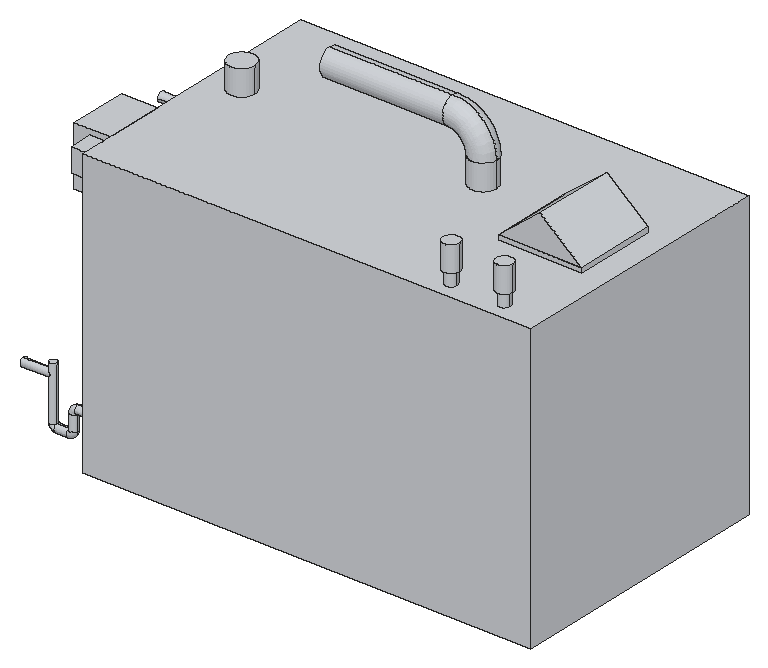
Revit family "AMP_BFIT 2500-3000 Boiler Dual Fuel", category Mechanical Equipment, Revit 2019
Family settings
  Round Connector Dimension = Use Diameter
  Part Type = Normal
  OmniClass Number = 23.75.00.00
  OmniClass Title = Climate Control (HVAC)
  Work Plane-Based = No
  Always vertical = Yes
  Cut with Voids When Loaded = No
  Shared = No
  Room Calculation Point = No
Parameters (values of type "AMP/BFIT 2500-3000 Boiler Dual Fuel")
  Width = 46"
  Length = 75 5/8"
  Height = 48 3/8"
  Voltage = ""
  Vent = "10\" EZ Vent"
  Manufacturer = "Bryan Steam"  # constant formula
  Hydronic Supply = "4\" Victaulic"
  Hydronic Return = "4\" Victaulic"
  Gas Train (Propane) = "1-1/2\" NPT"
  Gas Train (Natural Gas) = "1-1/2\" NPT"
  Condensate Trap = "1\" Pipe"
  Boiler Drain = "3/4\" NPT"
  Air Supply = "10\""
Reference planes
  plane 1 "Center (Front/Back)": y = 0
  plane 2: z = 0
  plane 3 "Center (Left/Right)": x = 0
  plane 4 "Vent": y = 96.749
  plane 5 "Condensate Trap": y = -457.2
  plane 6 "Supply 4" Victualic Elbow Style 10": x = 213.741
  plane 7 "3" Supply Manifold": z = 1466.85
  plane 8 "3" Supply Elbow Victaulic Style 10": y = 96.749
Forms (mm)
  Extrusion 1, solid
    sketch origin (0, 0, 0) x (1, 0, 0) y (0, 1, 0)
      loop
        line (-960.437, 584.2) -> (-960.437, -584.2) -> (960.438, -584.2) -> (960.438, 584.2) -> (-960.437, 584.2)
    from 0 to 1228.725
  Extrusion 2, solid
    sketch origin (0, 0, 1228.725) x (1, 0, 0) y (0, 1, 0)
      loop
        line (497.624, 177.8) -> (497.624, -177.8) -> (855.663, -177.8) -> (855.663, 177.8) -> (497.624, 177.8)
    from 0 to 21.63
  Extrusion 3, solid
    sketch origin (855.663, -177.8, 1228.725) x (-1, 0, 0) y (0, 0, -1)
      loop
        line (358.038, -21.63) -> (0, -21.63) -> (179.019, -167.063) -> (358.038, -21.63)
    from 0 to -355.6
  Extrusion 4, solid
    sketch origin (0, 0, 1228.725) x (1, 0, 0) y (0, 1, 0)
      loop
        circle (-820.737, 95.25) r 57.15
      loop
        circle (213.754, 95.25) r 57.15
    from 0 to 107.95
  Extrusion 5, solid
    sketch origin (-960.437, -584.2, 0) x (0, 1, 0) y (0, 0, -1)
      loop
        circle (987.425, -282.575) r 123.596
      loop
        circle (987.425, -282.575) r 119.863
    from 0 to 34.925
  Sweep 6, solid
    path origin (0, -457.2, 0) x (-1, 0, 0) y (0, 0, 1)
      loop
        line (960.437, 146.406) -> (1081.443, 146.406)
        arc (1081.443, 146.406) -> (1093.8, 141.287) -> (1098.918, 128.93) r 17.475
        line (1098.918, 128.93) -> (1098.918, 62.281)
        arc (1098.918, 62.281) -> (1104.037, 49.924) -> (1116.393, 44.806) r 17.475
        line (1116.393, 44.806) -> (1170.356, 44.806)
        arc (1170.356, 44.806) -> (1182.704, 49.92) -> (1187.818, 62.268) r 17.463
        line (1187.818, 62.268) -> (1187.818, 292.456)
    profile origin (-1020.94, -457.2, 146.406) x (0, 0, 1) y (0, 1, 0)
      loop
        circle (0, 0) r 16.701
  Revolve 7, solid
    sketch origin (0, -457.2, 0) x (-1, 0, 0) y (0, 0, 1)
      loop
        line (1316.037, 247.65) -> (1316.037, 264.351) -> (1187.45, 264.351) -> (1187.45, 247.65) -> (1316.037, 247.65)
      axis (1187.45, 247.65) -> (1316.037, 247.65)
    angle from 0 to 360
  Extrusion 8, solid
    sketch origin (-960.437, -584.2, 0) x (0, 1, 0) y (0, 0, -1)
      loop
        line (119.888, -1223.95) -> (119.888, -1122.35) -> (18.288, -1122.35) -> (18.288, -1223.95) -> (119.888, -1223.95)
    from 0 to 63.004
  Revolve 9, solid
    sketch origin (0, 95.25, 0) x (-1, 0, 0) y (0, 0, 1)
      loop
        line (1166.812, 766.775) -> (1160.126, 894.362) -> (906.474, 881.069) -> (913.161, 753.482) -> (1166.812, 766.775)
      axis (913.161, 753.482) -> (1166.812, 766.775)
    angle from 0 to 360
  Extrusion 10, solid
    sketch origin (-960.437, -584.2, 0) x (0, 1, 0) y (0, 0, -1)
      loop
        circle (679.45, -1076.325) r 13.335
      loop
        circle (679.45, -1076.325) r 10.465
    from 0 to 146.05
  Sweep 11, solid
    path origin (0, 96.749, 0) x (-1, 0, 0) y (0, 0, 1)
      loop
        arc (-213.754, 1335.256) -> (-175.626, 1427.304) -> (-83.579, 1465.431) r 130.175
        line (-83.579, 1465.431) -> (442.912, 1465.431)
    profile origin (175.626, 96.749, 1427.304) x (0.707107, 0, 0.707107) y (0, 1, 0)
      loop
        circle (0, 0) r 57.15
  Extrusion 12, solid
    sketch origin (-960.437, -584.2, 0) x (0, 1, 0) y (0, 0, -1)
      loop
        line (403.225, -1227.138) -> (403.225, -973.138) -> (149.225, -973.138) -> (149.225, -1227.138) -> (403.225, -1227.138)
    from 0 to 155.575
  Extrusion 13, solid
    sketch origin (0, 0, 1228.725) x (1, 0, 0) y (0, 1, 0)
      loop
        circle (557.213, -504.825) r 24.13
      loop
        circle (785.813, -504.825) r 24.13
    from 0 to 57.15
  Extrusion 14, solid
    sketch origin (0, 0, 1285.875) x (1, 0, 0) y (0, 1, 0)
      loop
        circle (557.213, -504.825) r 34.925
      loop
        circle (785.813, -504.825) r 34.925
    from 0 to 107.95
  Extrusion 15, solid
    sketch origin (-1106.487, -584.2, 0) x (0, 1, 0) y (0, 0, -1)
      loop
        circle (679.45, -1076.325) r 19.05
    from 0 to 60.325
Lines and regions (mm)
  model lines
    curve 1: circle (213.897, 97.198, 1336.675) r 50.8 normal (0, 0, 1)
Dimensions and locks
  "Height": Extrusion 1 to level
  equal spacing: Extrusion 1 sketch curve, plane 3 "Center (Left/Right)", Extrusion 1 sketch curve
  "Length": Extrusion 1 sketch curve to Extrusion 1 sketch curve
  equal spacing: Extrusion 1 sketch curve, plane 1 "Center (Front/Back)", Extrusion 1 sketch curve
  "Width": Extrusion 1 sketch curve to Extrusion 1 sketch curve
  locked: Extrusion 2 sketch curve to Extrusion 1 at 104.775
  locked: Extrusion 2 sketch curve to Extrusion 2 sketch curve at 358.038
  locked: Extrusion 2 sketch curve to Extrusion 2 sketch curve at 355.6
  locked: Extrusion 2 sketch curve to Extrusion 1 at 406.4
  locked: Extrusion 1 to Extrusion 4 sketch curve at 488.95  (x2)
  locked: Extrusion 1 to Extrusion 5 sketch curve at 282.575
  Extrusion 1 to Extrusion 5 sketch curve = 7 1/8"
  Revolve 7 sketch curve to Revolve 7 sketch curve = 0.6575"
  level to plane 7 "3" Supply Manifold" = 57 3/4"
  locked: plane 3 "Center (Left/Right)" to plane 6 "Supply 4" Victualic Elbow Style 10" at 213.741
  locked: plane 8 "3" Supply Elbow Victaulic Style 10" to plane 1 "Center (Front/Back)" at 96.749
  locked: plane 4 "Vent" to plane 1 "Center (Front/Back)" at 96.749
  locked: plane 5 "Condensate Trap" to plane 1 "Center (Front/Back)" at 457.2
  locked: Sweep 6 sketch curve to Sweep 6 sketch curve at 88.9
  locked: Sweep 6 sketch curve to Sweep 6 sketch curve at 247.65
  locked: Revolve 7 sketch curve to Revolve 7 sketch curve at 128.588
  locked: Extrusion 8 sketch curve to Extrusion 8 sketch curve at 101.6  (x2)
  Extrusion 5 sketch curve to Extrusion 5 sketch curve = 0"  (x2)
  locked: Revolve 9 sketch curve to Revolve 9 sketch curve at 127.762
  Extrusion 1 to Extrusion 10 sketch curve = 42 3/8"
  equal spacing: Extrusion 1, Extrusion 10 sketch curve, Extrusion 10 sketch curve  (x2)
  locked: Extrusion 1 to Extrusion 10 sketch curve at 488.95
  locked: Extrusion 1 to Extrusion 4 sketch curve at 139.7
  locked: Extrusion 4 sketch curve to Extrusion 1 at 746.684
  locked: Extrusion 1 to Sweep 11 sketch curve at 517.525
  locked: Extrusion 1 to Sweep 11 sketch curve at 236.706
  locked: Extrusion 1 to Revolve 7 sketch curve at 247.65  (x2)
  locked: Extrusion 12 sketch curve to Extrusion 12 sketch curve at 254  (x2)
  locked: Extrusion 12 sketch curve to Extrusion 1 at 149.225
  locked: Extrusion 12 sketch curve to Extrusion 1 at 1.587
  locked: Extrusion 1 to Extrusion 13 sketch curve at 79.375  (x2)
  locked: Extrusion 13 sketch curve to Extrusion 1 at 403.225
  locked: Extrusion 1 to Extrusion 14 sketch curve at 79.375  (x2)
  locked: Extrusion 14 sketch curve to Extrusion 1 at 403.225
  locked: Extrusion 1 to Extrusion 15 sketch curve at 152.4
  locked: Extrusion 1 to Extrusion 15 sketch curve at 488.95
  locked: Extrusion 13 sketch curve to Extrusion 1 at 174.625
  locked: Extrusion 14 sketch curve to Extrusion 1 at 174.625
  diameter of Extrusion 13 sketch curve = 1.9"  (x2)
  diameter of Extrusion 14 sketch curve = 2 3/4"  (x2)
  diameter of Extrusion 15 sketch curve = 1 1/2"
  aligned and locked: level to plane 2
Automatic sketch dimensions
  Extrusion 3 sketch curve to Extrusion 2 = 0"  (x3)
  Extrusion 3 sketch curve to Extrusion 2 = 7.048"
  Extrusion 3 sketch curve to Extrusion 2 = 5.72571"
  Sweep 6 sketch curve to plane 5 "Condensate Trap" = 0"
  profile plane to Sweep 6 sketch curve = 0"
  Sweep 6 sketch curve to Sweep 6 sketch curve = 0.688"  (x2)
  Sweep 6 sketch curve to Sweep 6 sketch curve = 11/16"
  Sweep 6 sketch curve to Sweep 6 sketch curve = 2.624"
  Sweep 6 sketch curve to Sweep 6 sketch curve = 4.764"
  Revolve 7 sketch curve to Revolve 7 sketch curve = 0.2025"
  Revolve 7 sketch curve to Revolve 7 sketch curve = 0.828"
  Extrusion 5 sketch curve to Extrusion 5 sketch curve = 0"  (x2)
  Revolve 9 sketch curve to Revolve 9 sketch curve = 5.32404"
  Revolve 9 sketch curve to Revolve 9 sketch curve = 0"  (x2)
  level to Sweep 6 sketch curve = 5.764"
  Sweep 6 sketch curve to plane 3 "Center (Left/Right)" = 42.5765"
  Revolve 7 sketch curve to plane 3 "Center (Left/Right)" = 46 3/4"
  Extrusion 1 to Extrusion 8 sketch curve = 0.188"
  Extrusion 8 sketch curve to Extrusion 1 = 0.72"
  Revolve 9 sketch curve to plane 3 "Center (Left/Right)" = 35.68795"
  Revolve 9 sketch curve to plane 7 "3" Supply Manifold" = 28.08536"
  Revolve 9 sketch curve to Revolve 9 sketch curve = 0.26325"
  Revolve 9 sketch curve to plane 7 "3" Supply Manifold" = 22.53889"
  Extrusion 10 sketch curve to Extrusion 10 sketch curve = 0"  (x2)
  Sweep 11 sketch curve to plane 8 "3" Supply Elbow Victaulic Style 10" = 0"
  Sweep 11 sketch curve to profile plane = 0"
  plane 3 "Center (Left/Right)" to Sweep 11 sketch curve = 3.2905"
  Sweep 11 sketch curve to Sweep 11 sketch curve = 5 1/8"
  radius of Sweep 6 sketch curve = 0.6575"
  radius of Extrusion 5 sketch curve = 4.866"
  radius of Extrusion 5 sketch curve = 4.719"
  radius of Extrusion 10 sketch curve = 0.412"
  radius of Extrusion 10 sketch curve = 0.525"
  radius of Extrusion 4 sketch curve = 2 1/4"  (x2)
  radius of curve 1 = 2"
  radius of Sweep 11 sketch curve = 2 1/4"
Connectors
  piping at (-820.737, 95.25, 1336.675), diameter 101.6
    settings: on Extrusion 4, index 2, connector inside diameter 24", connector length 0", flow factor 0, pipe flow 0 GPM, pressure drop 0.00 psi, fitting loss kfactor 0, connector angle 0.00°, fixture units 0, engagement length 0", angle of deflection 0.00°, flow configuration 0, flow direction 1, fitting loss method 0, system type 8, joint type 0, gender type 0, connector reference index -1, connector utility 0, adjustable connector no, is connector primary yes, connector description ""
  piping at (-995.362, 403.225, 282.575), diameter 254
    settings: on Extrusion 5, index 4, connector inside diameter 24", connector length 0", flow factor 0, pipe flow 0 GPM, pressure drop 0.00 psi, fitting loss kfactor 0, connector angle 0.00°, fixture units 0, engagement length 0", angle of deflection 0.00°, flow configuration 0, flow direction 1, fitting loss method 0, system type 22, joint type 0, gender type 0, connector reference index -1, connector utility 0, adjustable connector no, is connector primary no, connector description ""
  piping at (-1316.037, -457.2, 247.65), diameter 25.4
    settings: on Revolve 7, index 6, connector inside diameter 24", connector length 0", flow factor 0, pipe flow 0 GPM, pressure drop 0.00 psi, fitting loss kfactor 0, connector angle 0.00°, fixture units 0, engagement length 0", angle of deflection 0.00°, flow configuration 0, flow direction 2, fitting loss method 0, system type 22, joint type 0, gender type 0, connector reference index -1, connector utility 0, adjustable connector no, is connector primary no, connector description ""
  piping at (-442.912, 96.749, 1465.431), diameter 101.6
    settings: on Sweep 11, index 7, connector inside diameter 24", connector length 0", flow factor 0, pipe flow 0 GPM, pressure drop 0.00 psi, fitting loss kfactor 0, connector angle 0.00°, fixture units 0, engagement length 0", angle of deflection 0.00°, flow configuration 0, flow direction 2, fitting loss method 0, system type 7, joint type 0, gender type 0, connector reference index -1, connector utility 0, adjustable connector no, is connector primary no, connector description ""
  piping at (-1166.812, 95.25, 766.775), diameter 254
    settings: on Revolve 9, index 9, connector inside diameter 24", connector length 0", flow factor 0, pipe flow 0 GPM, pressure drop 0.00 psi, fitting loss kfactor 0, connector angle 0.00°, fixture units 0, engagement length 0", angle of deflection 0.00°, flow configuration 0, flow direction 2, fitting loss method 0, system type 17, joint type 0, gender type 0, connector reference index -1, connector utility 0, adjustable connector no, is connector primary no, connector description ""
  piping at (557.213, -504.825, 1393.825), diameter 38.1
    settings: on Extrusion 14, index 10, connector inside diameter 24", connector length 0", flow factor 0, pipe flow 0 GPM, pressure drop 0.00 psi, fitting loss kfactor 0, connector angle 0.00°, fixture units 0, engagement length 0", angle of deflection 0.00°, flow configuration 0, flow direction 1, fitting loss method 0, system type 22, joint type 0, gender type 0, connector reference index -1, connector utility 0, adjustable connector no, is connector primary no, connector description ""
  piping at (-1166.812, 95.25, 1076.325), diameter 19.05
    settings: on Extrusion 15, index 11, connector inside diameter 24", connector length 0", flow factor 0, pipe flow 0 GPM, pressure drop 0.00 psi, fitting loss kfactor 0, connector angle 0.00°, fixture units 0, engagement length 0", angle of deflection 0.00°, flow configuration 0, flow direction 2, fitting loss method 0, system type 22, joint type 0, gender type 0, connector reference index -1, connector utility 0, adjustable connector no, is connector primary no, connector description ""
  piping at (785.813, -504.825, 1393.825), diameter 38.1
    settings: on Extrusion 14, index 12, connector inside diameter 24", connector length 0", flow factor 0, pipe flow 0 GPM, pressure drop 0.00 psi, fitting loss kfactor 0, connector angle 0.00°, fixture units 0, engagement length 0", angle of deflection 0.00°, flow configuration 0, flow direction 1, fitting loss method 0, system type 22, joint type 0, gender type 0, connector reference index -1, connector utility 0, adjustable connector no, is connector primary no, connector description ""
